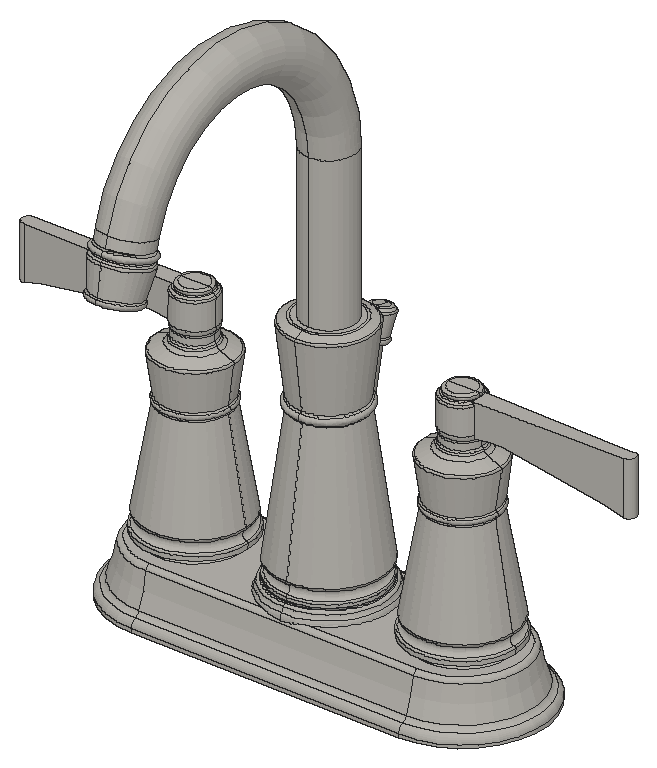
Revit family "Faucet-Lavatory-KOHLER-Archer-K-11075", category Plumbing Fixtures, host Face, Revit 2015
Parameters (values of type "BN-Vibrant Brushed Nickel")
  Width = 6 3/8"
  WaterSense Certified = 1 = 1  # yes
  Waste Water Outlet = "Waste Water Outlet"  # constant formula
  Waste Connection = 1 = 0  # no
  Vent Connection = 1 = 0  # no
  URL = "https://www.us.kohler.com/us/"
  Type = 2
  Spout Reach = 4"
  Product Page URL = "http://www.us.kohler.com/us/catalog/productDetails.jsp?productNumber=11075-4"
  Product Name = "Archer"  # constant formula
  Product Documentation Link = "https://www.us.kohler.com/webassets/kpna/catalog/pdf/en/K-11075-4_spec.pdf"
  Pressure = 60.00 psi  # constant formula
  Model = if(Type = 1, "K-11075-4-CP", if(Type = 2, "K-11075-4-BN", "NA"))  # "K-11075-4-BN"
  Material = "Brass construction"  # constant formula
  MasterFormat 2004 = "22.41.39"  # constant formula
  MasterFormat 1995 = "15410"  # constant formula
  Manufacturer Address = "444 Highland Dr, Kohler, WI 53044"  # constant formula
  Manufacturer = "KOHLER Co."  # constant formula
  Length = Spout Reach  # 4"
  Hot Water Inlet = "Hot Water Inlet"  # constant formula
  Height = 9"
  Handle Clearance = 2 5/8"  # constant formula
  HW Connection = 1 = 1  # yes
  Flow Rate = 1.2 GPM  # constant formula
  Finish = Kohler-Metal-BN-Vibrant_Brushed_Nickel
  Faucet Hole Spacing = 4"
  Environmental Product Declaration = ""
  Drain Included = 1 = 1  # yes
  Description = "Centerset bathroom sink faucet"  # constant formula
  Default Elevation = 36"
  Declare Label = ""
  Date Modified = "10/17/2019"  # constant formula
  Date Created = "10/17/2019"  # constant formula
  Copyright = "Copyright KOHLER Co."  # constant formula
  Contact Us = "https://www.us.kohler.com/us/static/contact.jsp"
  Cold Water Inlet = "Cold Water Inlet"  # constant formula
  CW Connection = 1 = 1  # yes
  Assembly Code = "D2010"
  ADA Compliant = 1 = 1  # yes
Reference planes (in)
  plane 1 "Center (Front/Back)": y = 0
  plane 2: z = 0
  plane 3 "Center (Left/Right)": x = 0
  plane 4: x = 2
  plane 5: x = -2
  plane 6: z = 4.1875
  plane 7: x = 4.625
  plane 8: x = -3.1875
  plane 9: x = 3.1875
  plane 10: y = 1.1875
  plane 11: y = -1.1875
  plane 12: z = 9
  plane 13: y = -4
  plane 14: z = 6.375
  plane 15: x = -4.625
Dimensions and locks (in)
  "Faucet Hole Spacing": plane 4 to plane 5
  "Height": plane 12 to level
  plane 10 to plane 11 = 2 3/8"  (x2)
  plane 6 to level = 4 3/16"  (x2)
  plane 14 to level = 6 3/8"
  "Width": plane 8 to plane 9
  "Length": plane 1 "Center (Front/Back)" to plane 13
  plane 9 to plane 8 = 6 3/8"
  "Handle Clearance": plane 4 to plane 7
  "Handle Clearance": plane 15 to plane 5
  aligned and locked: plane 2 to host face
  aligned and locked: level to host face
Automatic sketch dimensions
  host sketch curve to host sketch curve = 96"  (x2)
Nested families (in)
  nested 1: "K-11075" at (0, 0, 0), type "K-11075"
Connectors (in)
  piping at (-2, 0, 0), diameter 0.5, driven by "Hot Water Inlet", driven by "HW Connection", driven by "Flow Rate", driven by "Pressure"
    settings: on nested 1, index 1, connector inside diameter 24", connector length 0", flow factor 0, pipe flow 1.2 GPM, pressure drop 60.00 psi, fitting loss kfactor 0, connector angle 0.00°, fixture units 0, engagement length 0", angle of deflection 0.00°, flow configuration 1, flow direction 1, fitting loss method 4, system type 19, joint type 0, gender type 0, connector reference index -1, connector utility 1, adjustable connector no, is connector primary yes, connector description "Hot Water Inlet"
  piping at (2, 0, 0), diameter 0.5, driven by "Cold Water Inlet", driven by "CW Connection", driven by "Flow Rate", driven by "Pressure"
    settings: on nested 1, index 2, connector inside diameter 24", connector length 0", flow factor 0, pipe flow 1.2 GPM, pressure drop 60.00 psi, fitting loss kfactor 0, connector angle 0.00°, fixture units 0, engagement length 0", angle of deflection 0.00°, flow configuration 1, flow direction 1, fitting loss method 4, system type 20, joint type 0, gender type 0, connector reference index -1, connector utility 1, adjustable connector no, is connector primary no, connector description "Cold Water Inlet"
Definition of nested family "K-11075"
  Parameters (values of type "K-11075")
    Material = none
  Reference planes (in)
    plane 1 "Center (Front/Back)": y = 0
    plane 2: z = 0
    plane 3 "Center (Left/Right)": x = 0
    plane 4: x = -3.1875
    plane 5: x = 3.1875
    plane 6: z = 9
    plane 7: y = 1.1875
    plane 8: y = -1.1875
    plane 9: z = 4.1875
    plane 10: x = -2
    plane 11: x = 2
    plane 12: x = -4.625
    plane 13: x = 4.625
    plane 14: y = -4
    plane 15: z = 6.375
    plane 16: z = 1.179
    plane 17: z = 1.02299
  Forms (in)
    Revolve 1, solid, material <- "Material", detail levels medium+fine
      sketch origin (0, 0, 0) x (0, 1, 0) y (0, 0, 1)
        loop
          line (0, 4.436) -> (0, 0.69936) -> (0.88508, 0.69936)
          arc (0.88508, 0.69936) -> (0.89887, 0.76329) -> (0.87687, 0.82488) r 0.11926
          arc (0.87687, 0.82488) -> (0.85895, 0.85688) -> (0.84846, 0.89202) r 0.16678
          arc (0.84846, 0.89202) -> (0.83467, 0.91567) -> (0.80894, 0.925) r 0.04017
          line (0.80894, 0.925) -> (0.76949, 0.925)
          arc (0.76949, 0.925) -> (0.78421, 0.93181) -> (0.79021, 0.94687) r 0.0219
          line (0.79021, 0.94687) -> (0.79021, 0.99705)
          arc (0.79021, 0.99705) -> (0.7857, 1.01234) -> (0.77362, 1.02272) r 0.02814
          arc (0.77362, 1.02272) -> (0.72402, 1.10246) -> (0.77912, 1.17849) r 0.08417
          arc (0.77912, 1.17849) -> (0.79102, 1.18834) -> (0.79408, 1.20347) r 0.02317
          line (0.79408, 1.20347) -> (0.51167, 3.21294)
          arc (0.51167, 3.21294) -> (0.51566, 3.23185) -> (0.53083, 3.24383) r 0.02839
          arc (0.53083, 3.24383) -> (0.56461, 3.29335) -> (0.52587, 3.33908) r 0.04947
          arc (0.52587, 3.33908) -> (0.51212, 3.3487) -> (0.50919, 3.36522) r 0.02192
          line (0.50919, 3.36522) -> (0.62837, 4.3528)
          arc (0.62837, 4.3528) -> (0.62519, 4.36819) -> (0.61336, 4.37854) r 0.02468
          line (0.61336, 4.37854) -> (0.49027, 4.4298)
          arc (0.49027, 4.4298) -> (0.47506, 4.43443) -> (0.45924, 4.436) r 0.08072
          line (0.45924, 4.436) -> (0, 4.436)
        axis (0, 4.436) -> (0, 0.69936)
      angle from 0 to 360
    Sweep 2, solid, material <- "Material", detail levels medium+fine
      path origin (0, 0, 0) x (0, 1, 0) y (0, 0, 1)
        loop
          line (0, 4.436) -> (0, 6.70743)
          arc (0, 6.70743) -> (-1.6659, 8.60703) -> (-3.76669, 7.20333) r 1.91599
          line (-3.76669, 7.20333) -> (-3.80589, 7.05703)
      profile origin (0, 0, 4.436) x (0, -1, 0) y (1, 0, 0)
        loop
          circle (0, 0) r 0.37496
    Revolve 3, solid, material <- "Material", detail levels medium+fine
      sketch origin (0, 0.01915, -0.00513) x (0, 1, 0) y (0, 0, 1)
        loop
          arc (-3.68982, 6.28777) -> (-3.65214, 6.30095) -> (-3.65064, 6.34085) r 0.03544
          arc (-3.65064, 6.34085) -> (-3.65578, 6.35681) -> (-3.65266, 6.3733) r 0.034
          line (-3.65266, 6.3733) -> (-3.48117, 6.74107)
          arc (-3.48117, 6.74107) -> (-3.47662, 6.75957) -> (-3.47944, 6.77842) r 0.04915
          line (-3.47944, 6.77842) -> (-3.4934, 6.81736)
          arc (-3.4934, 6.81736) -> (-3.49057, 6.83584) -> (-3.47356, 6.84358) r 0.01965
          arc (-3.47356, 6.84358) -> (-3.43626, 6.87273) -> (-3.46127, 6.91293) r 0.03541
          line (-3.46127, 6.91293) -> (-3.56814, 6.94156) -> (-3.5552, 6.98986) -> (-3.82504, 7.06216) -> (-4.00846, 6.41555) -> (-3.74764, 6.34157) -> (-3.75722, 6.30583) -> (-3.68982, 6.28777)
        axis (-4.01856, 6.37996) -> (-3.82392, 7.06609)
      angle from 0 to 360
    Sweep 4, solid, material <- "Material", detail levels medium+fine
      path origin (0, 0, 0) x (1, 0, 0) y (0, 1, 0)
        loop
          arc (-2.00096, 1.1875) -> (-3.18846, 0) -> (-2.00096, -1.1875) r 1.1875
          line (-2.00096, -1.1875) -> (2.00096, -1.1875)
          arc (2.00096, -1.1875) -> (3.18846, 0) -> (2.00096, 1.1875) r 1.1875
          line (2.00096, 1.1875) -> (-2.00096, 1.1875)
      profile origin (0, 1.1875, 0) x (0, 1, 0) y (0, 0, 1)
        loop
          line (0, 0) -> (0, 0.04541)
          arc (0, 0.04541) -> (-0.02091, 0.11528) -> (-0.07677, 0.16216) r 0.12715
          arc (-0.07677, 0.16216) -> (-0.11714, 0.18968) -> (-0.14433, 0.23026) r 0.12868
          arc (-0.14433, 0.23026) -> (-0.22542, 0.4625) -> (-0.27644, 0.70315) r 1.93792
          arc (-0.27644, 0.70315) -> (-0.30071, 0.7474) -> (-0.348, 0.765) r 0.07233
          line (-0.348, 0.765) -> (-0.41268, 0.765) -> (-0.41268, 0) -> (0, 0)
    Extrusion 5, solid, material <- "Material", detail levels medium+fine
      sketch origin (0, 0, 0) x (1, 0, 0) y (0, 1, 0)
        loop
          arc (-2.00096, 0.77482) -> (-2.77578, 0) -> (-2.00096, -0.77482) r 0.77482
          line (-2.00096, -0.77482) -> (2.00096, -0.77482)
          arc (2.00096, -0.77482) -> (2.77578, 0) -> (2.00096, 0.77482) r 0.77482
          line (2.00096, 0.77482) -> (-2.00096, 0.77482)
      from 0 to 0.765
    Revolve 6, solid, material <- "Material", detail levels medium+fine
      sketch origin (0, 0, 0) x (0, 1, 0) y (0, 0, 1)
        loop
          line (0.9898, 4.15462) -> (0.55862, 2.1261) -> (0.62627, 2.11172) -> (0.95972, 3.68051) -> (1.01215, 3.66937)
          arc (1.01215, 3.66937) -> (1.04934, 3.68384) -> (1.05089, 3.72372) r 0.03638
          arc (1.05089, 3.72372) -> (1.04602, 3.73889) -> (1.04844, 3.75464) r 0.03474
          line (1.04844, 3.75464) -> (1.16358, 4.03962)
          arc (1.16358, 4.03962) -> (1.16587, 4.05538) -> (1.16062, 4.07042) r 0.03351
          line (1.16062, 4.07042) -> (1.13471, 4.11031)
          arc (1.13471, 4.11031) -> (1.12243, 4.12292) -> (1.10626, 4.12987) r 0.0451
          line (1.10626, 4.12987) -> (0.9898, 4.15462)
        axis (0.55862, 2.1261) -> (0.9898, 4.15462)
      angle from 0 to 360
    Revolve 7, solid, material <- "Material", detail levels medium+fine
      sketch origin (0, 0, 0) x (1, 0, 0) y (0, 0, 1)
        loop
          line (-1.41443, 0.8755) -> (-1.21, 0.8755) -> (-1.21, 0.93908)
          arc (-1.21, 0.93908) -> (-1.2162, 0.9576) -> (-1.2323, 0.96865) r 0.03075
          arc (-1.2323, 0.96865) -> (-1.28907, 1.032) -> (-1.25649, 1.11059) r 0.07985
          arc (-1.25649, 1.11059) -> (-1.24564, 1.12421) -> (-1.24377, 1.14152) r 0.03125
          line (-1.24377, 1.14152) -> (-1.49754, 2.58074)
          arc (-1.49754, 2.58074) -> (-1.49599, 2.59707) -> (-1.48628, 2.61028) r 0.03081
          arc (-1.48628, 2.61028) -> (-1.47168, 2.64112) -> (-1.48743, 2.67139) r 0.03835
          arc (-1.48743, 2.67139) -> (-1.4978, 2.68445) -> (-1.49997, 2.70099) r 0.03125
          line (-1.49997, 2.70099) -> (-1.42049, 3.26655)
          arc (-1.42049, 3.26655) -> (-1.42377, 3.28382) -> (-1.43688, 3.29553) r 0.02734
          line (-1.43688, 3.29553) -> (-1.62857, 3.37689)
          arc (-1.62857, 3.37689) -> (-1.65811, 3.39704) -> (-1.67765, 3.42698) r 0.09133
          arc (-1.67765, 3.42698) -> (-1.68534, 3.4409) -> (-1.69619, 3.45252) r 0.06469
          arc (-1.69619, 3.45252) -> (-1.70601, 3.46529) -> (-1.7095, 3.48101) r 0.03714
          line (-1.7095, 3.48101) -> (-1.7095, 3.58233)
          arc (-1.7095, 3.58233) -> (-1.70772, 3.5977) -> (-1.70248, 3.61226) r 0.06727
          arc (-1.70248, 3.61226) -> (-1.69116, 3.64368) -> (-1.68732, 3.67685) r 0.14522
          line (-1.68732, 3.67685) -> (-1.68732, 4.05789)
          arc (-1.68732, 4.05789) -> (-1.69048, 4.07378) -> (-1.69949, 4.08726) r 0.04154
          line (-1.69949, 4.08726) -> (-1.72899, 4.11677)
          arc (-1.72899, 4.11677) -> (-1.7425, 4.12483) -> (-1.75822, 4.1255) r 0.0321
          arc (-1.75822, 4.1255) -> (-1.74995, 4.14374) -> (-1.75451, 4.16325) r 0.0311
          arc (-1.75451, 4.16325) -> (-1.77324, 4.18103) -> (-1.79824, 4.1875) r 0.05153
          line (-1.79824, 4.1875) -> (-2, 4.1875) -> (-2, 0.68435) -> (-1.34723, 0.68435) -> (-1.34723, 0.765)
          arc (-1.34723, 0.765) -> (-1.38536, 0.78496) -> (-1.4052, 0.82314) r 0.07173
          line (-1.4052, 0.82314) -> (-1.41443, 0.8755)
        axis (-2, 4.1875) -> (-2, 0.68435)
      angle from 0 to 360
    Extrusion 8, solid, material <- "Material", detail levels medium+fine
      sketch origin (-1.96094, 0, 0.5005) x (1, 0, 0) y (0, 0, 1)
        loop
          line (-0.15321, 3.625) -> (-2.52853, 3.625) -> (-2.52853, 2.83743) -> (-2.25207, 2.91151)
          arc (-2.25207, 2.91151) -> (-1.49357, 3.07656) -> (-0.72283, 3.16886) r 8.16776
          arc (-0.72283, 3.16886) -> (-0.50239, 3.16573) -> (-0.28573, 3.125) r 1.28591
          line (-0.28573, 3.125) -> (-0.15321, 3.125) -> (-0.15321, 3.625)
      from -0.29625 to 0.27012
    Extrusion 9, void
      sketch origin (-1.96094, 0, 0.5005) x (1, 0, 0) y (0, 1, 0)
        loop
          line (-0.13022, 0.13773) -> (-0.10362, 0.29625) -> (-2.83924, 0.29625) -> (-2.83924, 0.09044) -> (-0.13022, 0.13773)
      from 2.6325 to 4.0328
    Extrusion 10, solid, material <- "Material", detail levels medium+fine
      sketch origin (-1.99831, -0.00004, 0.5005) x (1, 0, 0) y (0, 1, 0)
        loop
          arc (-2.49115, 0.09652) -> (-2.58763, 0.00004) -> (-2.49115, -0.09643) r 0.09647
          line (-2.49115, -0.09643) -> (-2.49115, 0.09652)
      from 2.83766 to 3.625
    Extrusion 11, void
      sketch origin (-1.96094, 0.00008, 0.5005) x (1, 0, 0) y (0, 1, 0)
        loop
          line (-0.13022, -0.13773) -> (-2.77853, -0.0915) -> (-2.77853, -0.29625) -> (-0.10362, -0.29625) -> (-0.13022, -0.13773)
      from 2.60113 to 4.0328
    Revolve 12, solid, material <- "Material", detail levels medium+fine
      sketch origin (0, 0, 0) x (-1, 0, 0) y (0, 0, 1)
        loop
          line (-1.41443, 0.8755) -> (-1.21, 0.8755) -> (-1.21, 0.93908)
          arc (-1.21, 0.93908) -> (-1.2162, 0.9576) -> (-1.2323, 0.96865) r 0.03075
          arc (-1.2323, 0.96865) -> (-1.28907, 1.032) -> (-1.25649, 1.11059) r 0.07985
          arc (-1.25649, 1.11059) -> (-1.24564, 1.12421) -> (-1.24377, 1.14152) r 0.03125
          line (-1.24377, 1.14152) -> (-1.49754, 2.58074)
          arc (-1.49754, 2.58074) -> (-1.49599, 2.59707) -> (-1.48628, 2.61028) r 0.03081
          arc (-1.48628, 2.61028) -> (-1.47168, 2.64112) -> (-1.48743, 2.67139) r 0.03835
          arc (-1.48743, 2.67139) -> (-1.4978, 2.68445) -> (-1.49997, 2.70099) r 0.03125
          line (-1.49997, 2.70099) -> (-1.42049, 3.26655)
          arc (-1.42049, 3.26655) -> (-1.42377, 3.28382) -> (-1.43688, 3.29553) r 0.02734
          line (-1.43688, 3.29553) -> (-1.62857, 3.37689)
          arc (-1.62857, 3.37689) -> (-1.65811, 3.39704) -> (-1.67765, 3.42698) r 0.09133
          arc (-1.67765, 3.42698) -> (-1.68534, 3.4409) -> (-1.69619, 3.45252) r 0.06469
          arc (-1.69619, 3.45252) -> (-1.70601, 3.46529) -> (-1.7095, 3.48101) r 0.03714
          line (-1.7095, 3.48101) -> (-1.7095, 3.58233)
          arc (-1.7095, 3.58233) -> (-1.70772, 3.5977) -> (-1.70248, 3.61226) r 0.06727
          arc (-1.70248, 3.61226) -> (-1.69116, 3.64368) -> (-1.68732, 3.67685) r 0.14522
          line (-1.68732, 3.67685) -> (-1.68732, 4.05789)
          arc (-1.68732, 4.05789) -> (-1.69048, 4.07378) -> (-1.69949, 4.08726) r 0.04154
          line (-1.69949, 4.08726) -> (-1.72899, 4.11677)
          arc (-1.72899, 4.11677) -> (-1.7425, 4.12483) -> (-1.75822, 4.1255) r 0.0321
          arc (-1.75822, 4.1255) -> (-1.74995, 4.14374) -> (-1.75451, 4.16325) r 0.0311
          arc (-1.75451, 4.16325) -> (-1.77324, 4.18103) -> (-1.79824, 4.1875) r 0.05153
          line (-1.79824, 4.1875) -> (-2, 4.1875) -> (-2, 0.68435) -> (-1.34723, 0.68435) -> (-1.34723, 0.765)
          arc (-1.34723, 0.765) -> (-1.38536, 0.78496) -> (-1.4052, 0.82314) r 0.07173
          line (-1.4052, 0.82314) -> (-1.41443, 0.8755)
        axis (-2, 4.1875) -> (-2, 0.68435)
      angle from 0 to 360
    Extrusion 13, solid, material <- "Material", detail levels medium+fine
      sketch origin (1.96094, 0, 0.5005) x (-1, 0, 0) y (0, 0, -1)
        loop
          line (-0.15321, -3.625) -> (-0.15321, -3.125) -> (-0.28573, -3.125)
          arc (-0.28573, -3.125) -> (-0.50239, -3.16573) -> (-0.72283, -3.16886) r 1.28591
          arc (-0.72283, -3.16886) -> (-1.49357, -3.07656) -> (-2.25207, -2.91151) r 8.16776
          line (-2.25207, -2.91151) -> (-2.52853, -2.83743) -> (-2.52853, -3.625) -> (-0.15321, -3.625)
      from -0.29625 to 0.27012
    Extrusion 14, void
      sketch origin (1.96094, 0, 0.5005) x (-1, 0, 0) y (0, -1, 0)
        loop
          line (-0.13022, -0.13773) -> (-2.83924, -0.09044) -> (-2.83924, -0.29625) -> (-0.10362, -0.29625) -> (-0.13022, -0.13773)
      from 2.6325 to 4.0328
    Extrusion 15, solid, material <- "Material", detail levels medium+fine
      sketch origin (1.99831, -0.00004, 0.5005) x (-1, 0, 0) y (0, -1, 0)
        loop
          line (-2.49115, -0.09652) -> (-2.49115, 0.09643)
          arc (-2.49115, 0.09643) -> (-2.58763, -0.00004) -> (-2.49115, -0.09652) r 0.09647
      from 2.83766 to 3.625
    Extrusion 16, void
      sketch origin (1.96094, 0.00008, 0.5005) x (-1, 0, 0) y (0, -1, 0)
        loop
          line (-0.13022, 0.13773) -> (-0.10362, 0.29625) -> (-2.77853, 0.29625) -> (-2.77853, 0.0915) -> (-0.13022, 0.13773)
      from 2.60113 to 4.0328
    Extrusion 17, solid, material <- "Material", detail levels medium+fine
      sketch origin (0, 0, 0) x (1, 0, 0) y (0, 1, 0)
        loop
          circle (-2, 0) r 0.375
        loop
          circle (2, 0) r 0.375
      from 0 to 0.05128
    Extrusion 18, solid, material <- "Material", detail levels coarse
      sketch origin (0, 0, 0) x (1, 0, 0) y (0, 1, 0)
        loop
          line (2.00096, 1.1875) -> (-2.00096, 1.1875)
          arc (-2.00096, 1.1875) -> (-3.18846, 0) -> (-2.00096, -1.1875) r 1.1875
          line (-2.00096, -1.1875) -> (2.00096, -1.1875)
          arc (2.00096, -1.1875) -> (3.18846, 0) -> (2.00096, 1.1875) r 1.1875
      from 0 to 0.765
    Revolve 19, solid, material <- "Material", detail levels coarse
      sketch origin (0, 0, 0) x (1, 0, 0) y (0, 0, 1)
        loop
          line (-2.7145, 0.765) -> (-2, 0.765) -> (-2, 4.1875) -> (-2.40277, 4.1875) -> (-2.40277, 3.4058) -> (-2.65277, 3.4058) -> (-2.84946, 0.8755) -> (-2.7145, 0.8755) -> (-2.7145, 0.765)
        axis (-2, 4.1875) -> (-2, 0.765)
      angle from 0 to 360
    Extrusion 20, solid, material <- "Material", detail levels coarse
      sketch origin (0, 0, 0) x (1, 0, 0) y (0, 1, 0)
        loop
          line (-2.08849, -0.17768) -> (-2.08849, 0.16506) -> (-4.625, 0.16506) -> (-4.625, -0.17768) -> (-2.08849, -0.17768)
      from 3.4058 to 4.1255
    Revolve 21, solid, material <- "Material", detail levels coarse
      sketch origin (0, 0, 0) x (-1, 0, 0) y (0, 0, 1)
        loop
          line (-2.7145, 0.765) -> (-2, 0.765) -> (-2, 4.1875) -> (-2.40277, 4.1875) -> (-2.40277, 3.4058) -> (-2.65277, 3.4058) -> (-2.84946, 0.8755) -> (-2.7145, 0.8755) -> (-2.7145, 0.765)
        axis (-2, 4.1875) -> (-2, 0.765)
      angle from 0 to 360
    Extrusion 22, solid, material <- "Material", detail levels coarse
      sketch origin (0, 0, 0) x (-1, 0, 0) y (0, -1, 0)
        loop
          line (-2.08849, 0.17768) -> (-4.625, 0.17768) -> (-4.625, -0.16506) -> (-2.08849, -0.16506) -> (-2.08849, 0.17768)
      from 3.4058 to 4.1255
    Revolve 23, solid, material <- "Material", detail levels coarse
      sketch origin (0, 0, 0) x (1, 0, 0) y (0, 0, 1)
        loop
          line (-1, 0.765) -> (0, 0.765) -> (0, 4.436) -> (-0.67521, 4.436) -> (-0.84766, 1.14548) -> (-1, 1.14548) -> (-1, 0.765)
        axis (0, 4.436) -> (0, 0.765)
      angle from 0 to 360
    Sweep 24, solid, material <- "Material", detail levels coarse
      path origin (0, 0, 0) x (0, 1, 0) y (0, 0, 1)
        loop
          line (0, 4.436) -> (0, 6.70591)
          arc (0, 6.70591) -> (-1.67093, 8.61124) -> (-3.77806, 7.2033) r 1.92177
          line (-3.77806, 7.2033) -> (-4, 6.375)
      profile origin (0, 0, 5.57096) x (0, -1, 0) y (1, 0, 0)
        loop
          circle (0.00144, 0) r 0.37546
  Cuts and joins
    Extrusion 14, Extrusion 16 cuts Revolve 1
    Extrusion 14, Extrusion 16 cuts Sweep 2
    Extrusion 14, Extrusion 16 cuts Revolve 3
    Extrusion 14, Extrusion 16 cuts Sweep 4
    Extrusion 14, Extrusion 16 cuts Extrusion 5
    Extrusion 14, Extrusion 16 cuts Revolve 6
    Extrusion 14, Extrusion 16 cuts Revolve 7
    Extrusion 9, Extrusion 11, Extrusion 14, Extrusion 16 cuts Extrusion 8
    Extrusion 14, Extrusion 16 cuts Extrusion 10
    Extrusion 14, Extrusion 16 cuts Extrusion 13
    joined: Revolve 1, Sweep 2, Revolve 3, Sweep 4, Extrusion 5, Revolve 6, Revolve 7, Extrusion 8, Extrusion 10, Revolve 12, Extrusion 13, Extrusion 15
    joined: Extrusion 18, Revolve 19, Extrusion 20, Revolve 21, Extrusion 22, Revolve 23, Sweep 24
  Lines and regions (in)
    Masking region 1
      outline origin (0, 0, 0) x (1, 0, 0) y (0, 1, 0)
        loop
          arc (-1.97235, 1.1875) -> (-2.78518, 0.88634) -> (-3.1875, 0.11852) r 1.20897
          line (-3.1875, 0.11852) -> (-4.53014, 0.09572)
          arc (-4.53014, 0.09572) -> (-4.59705, 0.06716) -> (-4.625, 0) r 0.0965
          arc (-4.625, 0) -> (-4.59705, -0.06716) -> (-4.53014, -0.09572) r 0.0965
          line (-4.53014, -0.09572) -> (-3.1875, -0.11852)
          arc (-3.1875, -0.11852) -> (-2.79587, -0.87683) -> (-2.00096, -1.1875) r 1.20897
          line (-2.00096, -1.1875) -> (-0.37546, -1.1875) -> (-0.37546, -3.63851)
          arc (-0.37546, -3.63851) -> (-0.40929, -3.73983) -> (-0.41627, -3.84642) r 0.4171
          arc (-0.41627, -3.84642) -> (-0.39905, -3.96489) -> (-0.34883, -4.07357) r 0.41627
          arc (-0.34883, -4.07357) -> (-0.22141, -4.27006) -> (0, -4.34635) r 0.35943
          arc (0, -4.34635) -> (0.22141, -4.27006) -> (0.34883, -4.07357) r 0.35943
          arc (0.34883, -4.07357) -> (0.39905, -3.96489) -> (0.41627, -3.84642) r 0.41627
          arc (0.41627, -3.84642) -> (0.40929, -3.73983) -> (0.37546, -3.63851) r 0.4171
          line (0.37546, -3.63851) -> (0.37546, -1.1875) -> (2.00096, -1.1875)
          arc (2.00096, -1.1875) -> (2.79587, -0.87683) -> (3.1875, -0.11852) r 1.20897
          line (3.1875, -0.11852) -> (4.53014, -0.09572)
          arc (4.53014, -0.09572) -> (4.59705, -0.06716) -> (4.625, 0) r 0.0965
          arc (4.625, 0) -> (4.59705, 0.06716) -> (4.53014, 0.09572) r 0.0965
          line (4.53014, 0.09572) -> (3.1875, 0.11852)
          arc (3.1875, 0.11852) -> (2.79587, 0.87683) -> (2.00096, 1.1875) r 1.20897
          line (2.00096, 1.1875) -> (-1.97235, 1.1875)
    Masking region 2
      outline origin (0, 0, 0) x (0, 1, 0) y (0, 0, 1)
        loop
          line (1.1875, 0) -> (1.1875, 0.04637)
          arc (1.1875, 0.04637) -> (1.1665, 0.11581) -> (1.11053, 0.16198) r 0.12531
          arc (1.11053, 0.16198) -> (1.0667, 0.19248) -> (1.0393, 0.2383) r 0.1269
          arc (1.0393, 0.2383) -> (0.96128, 0.46327) -> (0.91195, 0.69621) r 1.90412
          arc (0.91195, 0.69621) -> (0.90605, 0.71653) -> (0.8975, 0.73588) r 0.15816
          arc (0.8975, 0.73588) -> (0.89361, 0.78763) -> (0.8711, 0.83439) r 0.1397
          arc (0.8711, 0.83439) -> (0.85644, 0.85989) -> (0.84789, 0.88803) r 0.12982
          arc (0.84789, 0.88803) -> (0.83938, 0.90907) -> (0.82326, 0.92504) r 0.0563
          line (0.82326, 0.92504) -> (0.78976, 0.92504) -> (0.78976, 0.99797)
          arc (0.78976, 0.99797) -> (0.78526, 1.01281) -> (0.77329, 1.02266) r 0.02674
          arc (0.77329, 1.02266) -> (0.73847, 1.05069) -> (0.72415, 1.09302) r 0.07991
          line (0.72415, 1.09302) -> (0.74833, 1.11541)
          arc (0.74833, 1.11541) -> (0.75668, 1.12969) -> (0.75569, 1.1462) r 0.02849
          arc (0.75569, 1.1462) -> (0.75678, 1.1634) -> (0.77024, 1.17415) r 0.02126
          arc (0.77024, 1.17415) -> (0.79085, 1.19071) -> (0.79223, 1.21711) r 0.03237
          line (0.79223, 1.21711) -> (0.65045, 2.22549) -> (0.95972, 3.68051) -> (1.01372, 3.66904)
          arc (1.01372, 3.66904) -> (1.05055, 3.68312) -> (1.05277, 3.72249) r 0.03627
          arc (1.05277, 3.72249) -> (1.04733, 3.7414) -> (1.05118, 3.7607) r 0.04168
          line (1.05118, 3.7607) -> (1.16259, 4.03646)
          arc (1.16259, 4.03646) -> (1.16542, 4.05305) -> (1.16107, 4.0693) r 0.0394
          line (1.16107, 4.0693) -> (1.1206, 4.13407) -> (0.86924, 4.1875)
          arc (0.86924, 4.1875) -> (0.84928, 4.17888) -> (0.83053, 4.16786) r 0.17573
          line (0.83053, 4.16786) -> (0.79863, 4.14634)
          arc (0.79863, 4.14634) -> (0.78805, 4.13326) -> (0.78388, 4.11696) r 0.0394
          line (0.78388, 4.11696) -> (0.7735, 3.81973)
          arc (0.7735, 3.81973) -> (0.76917, 3.80053) -> (0.7565, 3.78546) r 0.04168
          arc (0.7565, 3.78546) -> (0.74252, 3.74859) -> (0.77044, 3.72075) r 0.03627
          line (0.77044, 3.72075) -> (0.82444, 3.70927) -> (0.59417, 2.62594) -> (0.54165, 2.99965) -> (0.57888, 3.2646)
          arc (0.57888, 3.2646) -> (0.57611, 3.28211) -> (0.56404, 3.29507) r 0.03033
          arc (0.56404, 3.29507) -> (0.55234, 3.32325) -> (0.52607, 3.33875) r 0.04819
          arc (0.52607, 3.33875) -> (0.51209, 3.34846) -> (0.50919, 3.36522) r 0.02205
          line (0.50919, 3.36522) -> (0.628, 4.35012)
          arc (0.628, 4.35012) -> (0.62513, 4.36647) -> (0.61368, 4.37849) r 0.02865
          line (0.61368, 4.37849) -> (0.49084, 4.42922)
          arc (0.49084, 4.42922) -> (0.4741, 4.43429) -> (0.45669, 4.436) r 0.08946
          line (0.45669, 4.436) -> (0.37496, 4.436) -> (0.37496, 6.73399)
          arc (0.37496, 6.73399) -> (-0.2896, 8.33717) -> (-1.89349, 9) r 2.26601
          arc (-1.89349, 9) -> (-3.35761, 8.47976) -> (-4.16807, 7.15408) r 2.32745
          line (-4.16807, 7.15408) -> (-4.07584, 7.12936) -> (-4.08681, 7.09068) -> (-4.19383, 7.12103)
          arc (-4.19383, 7.12103) -> (-4.23661, 7.09957) -> (-4.21899, 7.05507) r 0.03543
          arc (-4.21899, 7.05507) -> (-4.20802, 7.03814) -> (-4.21792, 7.02057) r 0.01949
          arc (-4.21792, 7.02057) -> (-4.2469, 6.99689) -> (-4.26623, 6.96484) r 0.10965
          line (-4.26623, 6.96484) -> (-4.31336, 6.56303)
          arc (-4.31336, 6.56303) -> (-4.31987, 6.54573) -> (-4.33371, 6.53347) r 0.03841
          arc (-4.33371, 6.53347) -> (-4.35265, 6.49879) -> (-4.32787, 6.46801) r 0.03557
          line (-4.32787, 6.46801) -> (-3.67277, 6.28218)
          arc (-3.67277, 6.28218) -> (-3.63484, 6.29392) -> (-3.63019, 6.33336) r 0.03642
          arc (-3.63019, 6.33336) -> (-3.63515, 6.35413) -> (-3.63061, 6.375) r 0.04797
          line (-3.63061, 6.375) -> (-3.46493, 6.72793)
          arc (-3.46493, 6.72793) -> (-3.45771, 6.76533) -> (-3.46983, 6.80143) r 0.07484
          arc (-3.46983, 6.80143) -> (-3.47101, 6.826) -> (-3.45007, 6.83892) r 0.02421
          arc (-3.45007, 6.83892) -> (-3.41688, 6.86869) -> (-3.44143, 6.90592) r 0.03415
          line (-3.44143, 6.90592) -> (-3.54969, 6.93663) -> (-3.53605, 6.98473) -> (-3.4437, 6.95998)
          arc (-3.4437, 6.95998) -> (-1.80641, 8.24459) -> (-0.37496, 6.73399) r 1.54523
          line (-0.37496, 6.73399) -> (-0.37496, 4.436) -> (-0.45669, 4.436)
          arc (-0.45669, 4.436) -> (-0.4741, 4.43429) -> (-0.49084, 4.42922) r 0.08946
          line (-0.49084, 4.42922) -> (-0.61368, 4.37849)
          arc (-0.61368, 4.37849) -> (-0.62513, 4.36647) -> (-0.628, 4.35012) r 0.02865
          line (-0.628, 4.35012) -> (-0.50919, 3.36522)
          arc (-0.50919, 3.36522) -> (-0.51209, 3.34846) -> (-0.52607, 3.33875) r 0.02205
          arc (-0.52607, 3.33875) -> (-0.55234, 3.32325) -> (-0.56404, 3.29507) r 0.04819
          arc (-0.56404, 3.29507) -> (-0.57611, 3.28211) -> (-0.57888, 3.2646) r 0.03033
          line (-0.57888, 3.2646) -> (-0.54165, 2.99965) -> (-0.59212, 2.64052) -> (-0.79223, 1.21711)
          arc (-0.79223, 1.21711) -> (-0.79085, 1.19071) -> (-0.77024, 1.17415) r 0.03237
          arc (-0.77024, 1.17415) -> (-0.75678, 1.1634) -> (-0.75569, 1.1462) r 0.02126
          arc (-0.75569, 1.1462) -> (-0.75668, 1.12969) -> (-0.74833, 1.11541) r 0.02849
          line (-0.74833, 1.11541) -> (-0.72415, 1.09302)
          arc (-0.72415, 1.09302) -> (-0.73847, 1.05069) -> (-0.77329, 1.02266) r 0.07991
          arc (-0.77329, 1.02266) -> (-0.78526, 1.01281) -> (-0.78976, 0.99797) r 0.02674
          line (-0.78976, 0.99797) -> (-0.78976, 0.92504) -> (-0.82326, 0.92504)
          arc (-0.82326, 0.92504) -> (-0.83938, 0.90907) -> (-0.84789, 0.88803) r 0.0563
          arc (-0.84789, 0.88803) -> (-0.85644, 0.85989) -> (-0.8711, 0.83439) r 0.12982
          arc (-0.8711, 0.83439) -> (-0.89361, 0.78763) -> (-0.8975, 0.73588) r 0.1397
          arc (-0.8975, 0.73588) -> (-0.90605, 0.71653) -> (-0.91195, 0.69621) r 0.15816
          arc (-0.91195, 0.69621) -> (-0.96128, 0.46327) -> (-1.0393, 0.2383) r 1.90412
          arc (-1.0393, 0.2383) -> (-1.0667, 0.19248) -> (-1.11053, 0.16198) r 0.1269
          arc (-1.11053, 0.16198) -> (-1.1665, 0.11581) -> (-1.1875, 0.04637) r 0.12531
          line (-1.1875, 0.04637) -> (-1.1875, 0) -> (1.1875, 0)
    Masking region 3
      outline origin (0, 0, 0) x (1, 0, 0) y (0, 0, 1)
        loop
          line (-3.1875, 0) -> (0.21103, 0) -> (3.1875, 0) -> (3.1875, 0.04783)
          arc (3.1875, 0.04783) -> (3.16689, 0.11622) -> (3.11193, 0.16183) r 0.12377
          arc (3.11193, 0.16183) -> (3.07364, 0.18734) -> (3.04737, 0.22511) r 0.12326
          arc (3.04737, 0.22511) -> (2.96338, 0.45729) -> (2.91399, 0.6992) r 1.69632
          arc (2.91399, 0.6992) -> (2.88897, 0.74621) -> (2.83914, 0.765) r 0.07547
          line (2.83914, 0.765) -> (2.65277, 0.765)
          arc (2.65277, 0.765) -> (2.61367, 0.78935) -> (2.59346, 0.83074) r 0.08342
          line (2.59346, 0.83074) -> (2.58557, 0.8755) -> (2.79, 0.8755) -> (2.79, 0.93644)
          arc (2.79, 0.93644) -> (2.78333, 0.95675) -> (2.76591, 0.96914) r 0.03424
          arc (2.76591, 0.96914) -> (2.71076, 1.0322) -> (2.74216, 1.10986) r 0.07996
          arc (2.74216, 1.10986) -> (2.75484, 1.12763) -> (2.7546, 1.14945) r 0.03518
          line (2.7546, 1.14945) -> (2.50332, 2.57453)
          arc (2.50332, 2.57453) -> (2.50485, 2.59623) -> (2.51639, 2.61467) r 0.04491
          arc (2.51639, 2.61467) -> (2.52788, 2.64459) -> (2.51228, 2.67259) r 0.03782
          arc (2.51228, 2.67259) -> (2.50211, 2.68531) -> (2.49997, 2.70145) r 0.03038
          line (2.49997, 2.70145) -> (2.57934, 3.2662)
          arc (2.57934, 3.2662) -> (2.57558, 3.28434) -> (2.56117, 3.29598) r 0.02749
          line (2.56117, 3.29598) -> (2.36532, 3.37912)
          arc (2.36532, 3.37912) -> (2.34268, 3.39453) -> (2.32766, 3.41744) r 0.07022
          arc (2.32766, 3.41744) -> (2.31799, 3.43668) -> (2.30534, 3.45409) r 0.13221
          arc (2.30534, 3.45409) -> (2.2945, 3.47248) -> (2.29073, 3.4935) r 0.06046
          line (2.29073, 3.4935) -> (2.29073, 3.57797)
          arc (2.29073, 3.57797) -> (2.29801, 3.61352) -> (2.31869, 3.64334) r 0.09039
          arc (2.31869, 3.64334) -> (2.5003, 3.66941) -> (2.68376, 3.66936) r 1.28591
          arc (2.68376, 3.66936) -> (3.45451, 3.57706) -> (4.21301, 3.41201) r 8.16776
          line (4.21301, 3.41201) -> (4.48861, 3.33816) -> (4.58594, 3.33816)
          arc (4.58594, 3.33816) -> (4.61304, 3.34908) -> (4.625, 3.37573) r 0.03909
          line (4.625, 3.37573) -> (4.625, 4.1255) -> (2.24178, 4.1255)
          arc (2.24178, 4.1255) -> (2.24318, 4.16455) -> (2.21156, 4.1875) r 0.04155
          line (2.21156, 4.1875) -> (1.7883, 4.1875)
          arc (1.7883, 4.1875) -> (1.75655, 4.16497) -> (1.75834, 4.12607) r 0.04062
          arc (1.75834, 4.12607) -> (1.74181, 4.12446) -> (1.7277, 4.1157) r 0.03651
          line (1.7277, 4.1157) -> (1.70117, 4.08916)
          arc (1.70117, 4.08916) -> (1.69099, 4.07356) -> (1.68742, 4.05527) r 0.04864
          line (1.68742, 4.05527) -> (1.68742, 3.67186)
          arc (1.68742, 3.67186) -> (1.6915, 3.64053) -> (1.70347, 3.61129) r 0.12234
          arc (1.70347, 3.61129) -> (1.70928, 3.59514) -> (1.70927, 3.57797) r 0.04995
          line (1.70927, 3.57797) -> (1.70927, 3.4935)
          arc (1.70927, 3.4935) -> (1.7055, 3.47248) -> (1.69466, 3.45409) r 0.06046
          arc (1.69466, 3.45409) -> (1.68201, 3.43668) -> (1.67234, 3.41744) r 0.13221
          arc (1.67234, 3.41744) -> (1.65732, 3.39453) -> (1.63468, 3.37912) r 0.07022
          line (1.63468, 3.37912) -> (1.43883, 3.29598)
          arc (1.43883, 3.29598) -> (1.42442, 3.28434) -> (1.42066, 3.2662) r 0.02749
          line (1.42066, 3.2662) -> (1.50003, 2.70145)
          arc (1.50003, 2.70145) -> (1.49789, 2.68531) -> (1.48772, 2.67259) r 0.03038
          arc (1.48772, 2.67259) -> (1.47212, 2.64459) -> (1.48361, 2.61467) r 0.03782
          arc (1.48361, 2.61467) -> (1.49515, 2.59623) -> (1.49668, 2.57453) r 0.04491
          line (1.49668, 2.57453) -> (1.2454, 1.14945)
          arc (1.2454, 1.14945) -> (1.24516, 1.12763) -> (1.25784, 1.10986) r 0.03518
          arc (1.25784, 1.10986) -> (1.28924, 1.0322) -> (1.23409, 0.96914) r 0.07996
          arc (1.23409, 0.96914) -> (1.21667, 0.95675) -> (1.21, 0.93644) r 0.03424
          line (1.21, 0.93644) -> (1.21, 0.8755) -> (1.41443, 0.8755) -> (1.40654, 0.83074)
          arc (1.40654, 0.83074) -> (1.38633, 0.78935) -> (1.34723, 0.765) r 0.08342
          line (1.34723, 0.765) -> (0.89875, 0.765) -> (0.8897, 0.79876)
          arc (0.8897, 0.79876) -> (0.85752, 0.84168) -> (0.8461, 0.8941) r 0.12603
          arc (0.8461, 0.8941) -> (0.83705, 0.91595) -> (0.8152, 0.925) r 0.0309
          line (0.8152, 0.925) -> (0.75655, 0.925)
          arc (0.75655, 0.925) -> (0.7766, 0.93113) -> (0.7898, 0.94743) r 0.03586
          line (0.7898, 0.94743) -> (0.7898, 0.99791)
          arc (0.7898, 0.99791) -> (0.78513, 1.01307) -> (0.77275, 1.02299) r 0.02697
          arc (0.77275, 1.02299) -> (0.72511, 1.0753) -> (0.73729, 1.145) r 0.08038
          arc (0.73729, 1.145) -> (0.75633, 1.1649) -> (0.77999, 1.179) r 0.1024
          arc (0.77999, 1.179) -> (0.79175, 1.1902) -> (0.79326, 1.20637) r 0.02315
          line (0.79326, 1.20637) -> (0.51175, 3.20938)
          arc (0.51175, 3.20938) -> (0.51576, 3.23043) -> (0.53176, 3.24469) r 0.0333
          arc (0.53176, 3.24469) -> (0.56194, 3.2924) -> (0.5278, 3.33735) r 0.0495
          arc (0.5278, 3.33735) -> (0.51366, 3.34806) -> (0.50919, 3.36522) r 0.02707
          line (0.50919, 3.36522) -> (0.62757, 4.34858)
          arc (0.62757, 4.34858) -> (0.62467, 4.366) -> (0.61285, 4.37912) r 0.03145
          line (0.61285, 4.37912) -> (0.48906, 4.42913)
          arc (0.48906, 4.42913) -> (0.47172, 4.43427) -> (0.45372, 4.436) r 0.09433
          line (0.45372, 4.436) -> (0.37496, 4.436) -> (0.37496, 6.59066) -> (0.4179, 6.84755)
          arc (0.4179, 6.84755) -> (0.41417, 6.88808) -> (0.39095, 6.92152) r 0.07991
          arc (0.39095, 6.92152) -> (0.42236, 6.96003) -> (0.41734, 7.00947) r 0.06493
          arc (0.41734, 7.00947) -> (0.39913, 7.03465) -> (0.37496, 7.0542) r 0.11791
          line (0.37496, 7.0542) -> (0.37496, 8.64467)
          arc (0.37496, 8.64467) -> (0.26389, 8.90296) -> (0, 9) r 0.35585
          arc (0, 9) -> (-0.26389, 8.90296) -> (-0.37496, 8.64467) r 0.35585
          line (-0.37496, 8.64467) -> (-0.37496, 7.0542)
          arc (-0.37496, 7.0542) -> (-0.39913, 7.03465) -> (-0.41734, 7.00947) r 0.11791
          arc (-0.41734, 7.00947) -> (-0.42236, 6.96003) -> (-0.39095, 6.92152) r 0.06493
          arc (-0.39095, 6.92152) -> (-0.41417, 6.88808) -> (-0.4179, 6.84755) r 0.07991
          line (-0.4179, 6.84755) -> (-0.37496, 6.59066) -> (-0.37496, 4.436) -> (-0.45372, 4.436)
          arc (-0.45372, 4.436) -> (-0.47172, 4.43427) -> (-0.48906, 4.42913) r 0.09433
          line (-0.48906, 4.42913) -> (-0.61285, 4.37912)
          arc (-0.61285, 4.37912) -> (-0.62467, 4.366) -> (-0.62757, 4.34858) r 0.03145
          line (-0.62757, 4.34858) -> (-0.50919, 3.36522)
          arc (-0.50919, 3.36522) -> (-0.51366, 3.34806) -> (-0.5278, 3.33735) r 0.02707
          arc (-0.5278, 3.33735) -> (-0.56194, 3.2924) -> (-0.53176, 3.24469) r 0.0495
          arc (-0.53176, 3.24469) -> (-0.51576, 3.23043) -> (-0.51175, 3.20938) r 0.0333
          line (-0.51175, 3.20938) -> (-0.79326, 1.20637)
          arc (-0.79326, 1.20637) -> (-0.79175, 1.1902) -> (-0.77999, 1.179) r 0.02315
          arc (-0.77999, 1.179) -> (-0.75633, 1.1649) -> (-0.73729, 1.145) r 0.1024
          arc (-0.73729, 1.145) -> (-0.72511, 1.0753) -> (-0.77275, 1.02299) r 0.08038
          arc (-0.77275, 1.02299) -> (-0.78513, 1.01307) -> (-0.7898, 0.99791) r 0.02697
          line (-0.7898, 0.99791) -> (-0.7898, 0.94743)
          arc (-0.7898, 0.94743) -> (-0.7766, 0.93113) -> (-0.75655, 0.925) r 0.03586
          line (-0.75655, 0.925) -> (-0.8152, 0.925)
          arc (-0.8152, 0.925) -> (-0.83705, 0.91595) -> (-0.8461, 0.8941) r 0.0309
          arc (-0.8461, 0.8941) -> (-0.85752, 0.84168) -> (-0.8897, 0.79876) r 0.12603
          line (-0.8897, 0.79876) -> (-0.89875, 0.765) -> (-1.34723, 0.765)
          arc (-1.34723, 0.765) -> (-1.38633, 0.78935) -> (-1.40654, 0.83074) r 0.08342
          line (-1.40654, 0.83074) -> (-1.41443, 0.8755) -> (-1.21, 0.8755) -> (-1.21, 0.93644)
          arc (-1.21, 0.93644) -> (-1.21667, 0.95675) -> (-1.23409, 0.96914) r 0.03424
          arc (-1.23409, 0.96914) -> (-1.28924, 1.0322) -> (-1.25784, 1.10986) r 0.07996
          arc (-1.25784, 1.10986) -> (-1.24516, 1.12763) -> (-1.2454, 1.14945) r 0.03518
          line (-1.2454, 1.14945) -> (-1.49668, 2.57453)
          arc (-1.49668, 2.57453) -> (-1.49515, 2.59623) -> (-1.48361, 2.61467) r 0.04491
          arc (-1.48361, 2.61467) -> (-1.47212, 2.64459) -> (-1.48772, 2.67259) r 0.03782
          arc (-1.48772, 2.67259) -> (-1.49789, 2.68531) -> (-1.50003, 2.70145) r 0.03038
          line (-1.50003, 2.70145) -> (-1.42066, 3.2662)
          arc (-1.42066, 3.2662) -> (-1.42442, 3.28434) -> (-1.43883, 3.29598) r 0.02749
          line (-1.43883, 3.29598) -> (-1.63468, 3.37912)
          arc (-1.63468, 3.37912) -> (-1.65732, 3.39453) -> (-1.67234, 3.41744) r 0.07022
          arc (-1.67234, 3.41744) -> (-1.68201, 3.43668) -> (-1.69466, 3.45409) r 0.13221
          arc (-1.69466, 3.45409) -> (-1.7055, 3.47248) -> (-1.70927, 3.4935) r 0.06046
          line (-1.70927, 3.4935) -> (-1.70927, 3.57797)
          arc (-1.70927, 3.57797) -> (-1.70928, 3.59514) -> (-1.70347, 3.61129) r 0.04995
          arc (-1.70347, 3.61129) -> (-1.6915, 3.64053) -> (-1.68742, 3.67186) r 0.12234
          line (-1.68742, 3.67186) -> (-1.68742, 4.05527)
          arc (-1.68742, 4.05527) -> (-1.69099, 4.07356) -> (-1.70117, 4.08916) r 0.04864
          line (-1.70117, 4.08916) -> (-1.7277, 4.1157)
          arc (-1.7277, 4.1157) -> (-1.74181, 4.12446) -> (-1.75834, 4.12607) r 0.03651
          arc (-1.75834, 4.12607) -> (-1.75655, 4.16497) -> (-1.7883, 4.1875) r 0.04062
          line (-1.7883, 4.1875) -> (-2.21156, 4.1875)
          arc (-2.21156, 4.1875) -> (-2.24318, 4.16455) -> (-2.24178, 4.1255) r 0.04155
          line (-2.24178, 4.1255) -> (-4.625, 4.1255) -> (-4.625, 3.37573)
          arc (-4.625, 3.37573) -> (-4.61304, 3.34908) -> (-4.58594, 3.33816) r 0.03909
          line (-4.58594, 3.33816) -> (-4.48861, 3.33816) -> (-4.21301, 3.41201)
          arc (-4.21301, 3.41201) -> (-3.45451, 3.57706) -> (-2.68376, 3.66936) r 8.16776
          arc (-2.68376, 3.66936) -> (-2.5003, 3.66941) -> (-2.31869, 3.64334) r 1.28591
          arc (-2.31869, 3.64334) -> (-2.29801, 3.61352) -> (-2.29073, 3.57797) r 0.09039
          line (-2.29073, 3.57797) -> (-2.29073, 3.4935)
          arc (-2.29073, 3.4935) -> (-2.2945, 3.47248) -> (-2.30534, 3.45409) r 0.06046
          arc (-2.30534, 3.45409) -> (-2.31799, 3.43668) -> (-2.32766, 3.41744) r 0.13221
          arc (-2.32766, 3.41744) -> (-2.34268, 3.39453) -> (-2.36532, 3.37912) r 0.07022
          line (-2.36532, 3.37912) -> (-2.56117, 3.29598)
          arc (-2.56117, 3.29598) -> (-2.57558, 3.28434) -> (-2.57934, 3.2662) r 0.02749
          line (-2.57934, 3.2662) -> (-2.49997, 2.70145)
          arc (-2.49997, 2.70145) -> (-2.50211, 2.68531) -> (-2.51228, 2.67259) r 0.03038
          arc (-2.51228, 2.67259) -> (-2.52788, 2.64459) -> (-2.51639, 2.61467) r 0.03782
          arc (-2.51639, 2.61467) -> (-2.50485, 2.59623) -> (-2.50332, 2.57453) r 0.04491
          line (-2.50332, 2.57453) -> (-2.7546, 1.14945)
          arc (-2.7546, 1.14945) -> (-2.75484, 1.12763) -> (-2.74216, 1.10986) r 0.03518
          arc (-2.74216, 1.10986) -> (-2.71076, 1.0322) -> (-2.76591, 0.96914) r 0.07996
          arc (-2.76591, 0.96914) -> (-2.78333, 0.95675) -> (-2.79, 0.93644) r 0.03424
          line (-2.79, 0.93644) -> (-2.79, 0.8755) -> (-2.58557, 0.8755) -> (-2.59346, 0.83074)
          arc (-2.59346, 0.83074) -> (-2.61367, 0.78935) -> (-2.65277, 0.765) r 0.08342
          line (-2.65277, 0.765) -> (-2.83914, 0.765)
          arc (-2.83914, 0.765) -> (-2.88897, 0.74621) -> (-2.91399, 0.6992) r 0.07547
          arc (-2.91399, 0.6992) -> (-2.96338, 0.45729) -> (-3.04737, 0.22511) r 1.69632
          arc (-3.04737, 0.22511) -> (-3.07364, 0.18734) -> (-3.11193, 0.16183) r 0.12326
          arc (-3.11193, 0.16183) -> (-3.16689, 0.11622) -> (-3.1875, 0.04783) r 0.12377
          line (-3.1875, 0.04783) -> (-3.1875, 0)
    symbolic lines, detail levels medium+fine
      curve 1: circle (-2, 0, 0) r 0.25 normal (0, 0, 1)
      curve 2: arc (-2.28181, -0.13433, 0) -> (-1.68781, 0, 0) -> (-2.28181, 0.13433, 0) r 0.31219
      curve 3: line (-3.1875, 0.11852, 0) -> (-2.28181, 0.13433, 0)
      curve 4: line (-3.1875, -0.11852, 0) -> (-2.21004, -0.13559, 0)
      curve 5: line (-2.28181, 0.13433, 0) -> (-2.21004, 0.13559, 0)
      curve 6: arc (-2.77995, -0.12564, 0) -> (-1.21, 0, 0) -> (-2.77995, 0.12564, 0) r 0.79
      curve 7: arc (-2.73928, -0.12635, 0) -> (-1.25, 0, 0) -> (-2.73928, 0.12635, 0) r 0.75
      curve 8: arc (-2.57112, -0.12928, 0) -> (-1.41443, 0, 0) -> (-2.57112, 0.12928, 0) r 0.58557
      curve 9: line (-0.37546, -1.1875, 0) -> (-0.37546, -0.00144, 0)
      curve 10: line (0.37546, -1.1875, 0) -> (0.37546, -0.00144, 0)
      curve 11: arc (-0.37546, -0.00144, 0) -> (0, 0.37402, 0) -> (0.37546, -0.00144, 0) r 0.37546
      curve 12: spline (0, -4.16807, 0) -> (-0.04894, -4.16497, 0) -> (-0.09705, -4.15573, 0) -> (-0.14349, -4.1405, 0) -> (-0.18748, -4.11955, 0) -> (-0.22826, -4.09323, 0) -> (-0.26514, -4.06199, 0) -> (-0.29748, -4.02637, 0) -> (-0.32473, -3.98698, 0) -> (-0.34642, -3.94449, 0) -> (-0.36219, -3.89963, 0) -> (-0.37176, -3.85316, 0) -> (-0.37496, -3.80589, 0)
      curve 13: spline (0, -4.16807, 0) -> (0.04894, -4.16497, 0) -> (0.09705, -4.15573, 0) -> (0.14349, -4.1405, 0) -> (0.18748, -4.11955, 0) -> (0.22826, -4.09323, 0) -> (0.26514, -4.06199, 0) -> (0.29748, -4.02637, 0) -> (0.32473, -3.98698, 0) -> (0.34642, -3.94449, 0) -> (0.36219, -3.89963, 0) -> (0.37176, -3.85316, 0) -> (0.37496, -3.80589, 0)
      curve 14: line (-0.37546, -3.63851, 0) -> (-0.37496, -3.80589, 0)
      curve 15: line (0.37496, -3.80589, 0) -> (0.37546, -3.63851, 0)
      curve 16: arc (-0.37521, -3.7222, 0) -> (0, -4.19757, 0) -> (0.37521, -3.7222, 0) r 0.38577
      curve 17: arc (-0.41607, -3.85938, 0) -> (0, -4.23947, 0) -> (0.41607, -3.85938, 0) r 0.41777
      curve 18: arc (-0.34603, -4.0873, 0) -> (0, -4.34477, 0) -> (0.34603, -4.0873, 0) r 0.36125
      curve 19: arc (-0.34883, -4.07357, 0) -> (0, -4.26823, 0) -> (0.34883, -4.07357, 0) r 0.40988
      curve 20: arc (-0.14324, 0.83407, 0) -> (-0.83742, 0.12212, 0) -> (-0.37546, -0.75843, 0) r 0.84628
      curve 21: circle (0, 0.97599, 0) r 0.19471 normal (0, 0, 1)
      curve 22: line (-0.06787, 0.62574, 0) -> (-0.06787, 0.75851, 0)
      curve 23: arc (-0.15056, 0.85254, 0) -> (0, 0.74323, 0) -> (0.15056, 0.85254, 0) r 0.15835
      curve 24: line (0.06787, 0.62574, 0) -> (0.06787, 0.75851, 0)
      curve 25: arc (-0.10644, 0.78434, 0) -> (-0.77879, 0.14145, 0) -> (-0.37546, -0.69681, 0) r 0.79153
      curve 26: arc (-0.17073, 0.88238, 0) -> (-0.89229, 0.10753, 0) -> (-0.37546, -0.81656, 0) r 0.89875
      curve 27: arc (0.37546, -0.29666, 0) -> (0, 0.47852, 0) -> (-0.37546, -0.29666, 0) r 0.47852
      curve 28: arc (0.37546, -0.50516, 0) -> (0, 0.62941, 0) -> (-0.37546, -0.50516, 0) r 0.62941
      curve 29: arc (0.37546, -0.69681, 0) -> (0.77879, 0.14145, 0) -> (0.10644, 0.78434, 0) r 0.79153
      curve 30: arc (0.37546, -0.75843, 0) -> (0.83742, 0.12212, 0) -> (0.14324, 0.83407, 0) r 0.84628
      curve 31: arc (0.37546, -0.81656, 0) -> (0.89229, 0.10753, 0) -> (0.17073, 0.88238, 0) r 0.89875
      curve 32: circle (2, 0, 0) r 0.25 normal (0, 0, -1)
      curve 33: arc (2.28181, -0.13433, 0) -> (1.68781, 0, 0) -> (2.28181, 0.13433, 0) r 0.31219
      curve 34: line (2.28181, 0.13433, 0) -> (2.21004, 0.13559, 0)
      curve 35: arc (2.77995, -0.12564, 0) -> (1.21, 0, 0) -> (2.77995, 0.12564, 0) r 0.79
      curve 36: arc (2.73928, -0.12635, 0) -> (1.25, 0, 0) -> (2.73928, 0.12635, 0) r 0.75
      curve 37: arc (2.57112, -0.12928, 0) -> (1.41443, 0, 0) -> (2.57112, 0.12928, 0) r 0.58557
      curve 38: line (3.1875, 0.11852, 0) -> (2.28181, 0.13433, 0)
      curve 39: line (3.1875, -0.11852, 0) -> (2.21004, -0.13559, 0)
      curve 40: line (-0.18081, 1.04823, 0) -> (-2.01353, 1.04823, 0)
      curve 41: line (-0.37546, -1.04823, 0) -> (-2.01353, -1.04823, 0)
      curve 42: arc (-2.01353, 1.04823, 0) -> (-2.71071, 0.78277, 0) -> (-3.05477, 0.12084, 0) r 1.04823
      curve 43: arc (-3.05477, -0.12084, 0) -> (-2.71071, -0.78277, 0) -> (-2.01353, -1.04823, 0) r 1.04823
      curve 44: line (0.18081, 1.04823, 0) -> (2.01353, 1.04823, 0)
      curve 45: line (0.37546, -1.04823, 0) -> (2.01353, -1.04823, 0)
      curve 46: arc (2.01353, 1.04823, 0) -> (2.71071, 0.78277, 0) -> (3.05477, 0.12084, 0) r 1.04823
      curve 47: arc (3.05477, -0.12084, 0) -> (2.71071, -0.78277, 0) -> (2.01353, -1.04823, 0) r 1.04823
      curve 48: line (-0.18406, 0.9125, 0) -> (-1.99995, 0.9125, 0)
      curve 49: line (-0.37546, -0.9125, 0) -> (-1.99995, -0.9125, 0)
      curve 50: arc (-1.99995, -0.9125, 0) -> (-2.59994, -0.6875, 0) -> (-2.90405, -0.12347, 0) r 0.9125
      curve 51: arc (-2.90405, 0.12347, 0) -> (-2.59994, 0.6875, 0) -> (-1.99995, 0.9125, 0) r 0.9125
      curve 52: line (0.18406, 0.9125, 0) -> (1.99995, 0.9125, 0)
      curve 53: line (0.37546, -0.9125, 0) -> (1.99995, -0.9125, 0)
      curve 54: arc (1.99995, -0.9125, 0) -> (2.59994, -0.6875, 0) -> (2.90405, -0.12347, 0) r 0.9125
      curve 55: arc (2.90405, 0.12347, 0) -> (2.59994, 0.6875, 0) -> (1.99995, 0.9125, 0) r 0.9125
      curve 56: line (0, -3.63019, 6.33336) -> (0, -4.33371, 6.53347)
      curve 57: line (0, -3.45007, 6.83892) -> (0, -4.21307, 7.05283)
      curve 58: line (0, -3.46493, 6.72793) -> (0, -4.26762, 6.95296)
      curve 59: line (0, -3.54969, 6.93663) -> (0, -4.08681, 7.09068)
      curve 60: line (0, -4.07584, 7.12936) -> (0, -3.53605, 6.98473)
      curve 61: line (0, 0.37496, 4.436) -> (0, -0.37496, 4.436)
      curve 62: line (0, 0.628, 4.35012) -> (0, -0.628, 4.35012)
      curve 63: line (0, 0.78388, 4.11696) -> (0, 1.16259, 4.03646)
      curve 64: line (0, 0.95972, 3.68051) -> (0, 0.82444, 3.70927)
      curve 65: line (0, 1.05277, 3.72249) -> (0, 0.7565, 3.78546)
      curve 66: line (0, 0.59417, 2.62594) -> (0, 0.65045, 2.22549)
      curve 67: line (0, 1.11053, 0.16198) -> (0, -1.11053, 0.16198)
      curve 68: line (0, 1.0393, 0.22511) -> (0, -1.0393, 0.22511)
      curve 69: line (0, 0.8395, 0.765) -> (0, -0.8395, 0.765)
      curve 70: line (0, -0.78976, 0.8755) -> (0, 0.79, 0.8755)
      curve 71: line (0, 0.79, 0.8755) -> (0, 0.78976, 0.92504)
      curve 72: line (0, -0.78976, 0.93421) -> (0, -0.78976, 0.8755)
      curve 73: arc (0, -0.8395, 0.765) -> (0, -0.87195, 0.75731) -> (0, -0.8975, 0.73588) r 0.07233
      curve 74: arc (0, 0.8975, 0.73588) -> (0, 0.87195, 0.75731) -> (0, 0.8395, 0.765) r 0.07233
      curve 75: line (0, 0.58463, 0.8755) -> (0, 0.59399, 0.82241)
      curve 76: arc (0, 0.59399, 0.82241) -> (0, 0.6129, 0.78526) -> (0, 0.64934, 0.765) r 0.0714
      curve 77: line (0, -0.58463, 0.8755) -> (0, -0.59399, 0.82241)
      curve 78: arc (0, -0.59399, 0.82241) -> (0, -0.6129, 0.78526) -> (0, -0.64934, 0.765) r 0.0714
      curve 79: arc (0, -0.76921, 0.96817) -> (0, -0.78422, 0.95406) -> (0, -0.78976, 0.93421) r 0.03833
      curve 80: arc (0, -0.72415, 1.09302) -> (0, -0.72239, 1.02183) -> (0, -0.76921, 0.96817) r 0.0982
      curve 81: line (0, 0.75569, 1.1462) -> (0, 0.50371, 2.57528)
      curve 82: arc (0, 0.76921, 0.96817) -> (0, 0.78422, 0.95406) -> (0, 0.78976, 0.93421) r 0.03833
      curve 83: arc (0, 0.72415, 1.09302) -> (0, 0.72239, 1.02183) -> (0, 0.76921, 0.96817) r 0.0982
      curve 84: arc (0, 0.50371, 2.57528) -> (0, 0.50542, 2.59624) -> (0, 0.5172, 2.61366) r 0.04147
      curve 85: arc (0, 0.5172, 2.61366) -> (0, 0.52934, 2.64123) -> (0, 0.51605, 2.66827) r 0.03568
      curve 86: arc (0, 0.51605, 2.66827) -> (0, 0.50442, 2.68279) -> (0, 0.49999, 2.70086) r 0.04313
      curve 87: line (0, 0.49999, 2.70086) -> (0, 0.54166, 2.99739)
      curve 88: line (0, 0.56404, 3.29507) -> (0, 0.36679, 3.3788)
      curve 89: arc (0, 0.36679, 3.3788) -> (0, 0.34574, 3.39239) -> (0, 0.33048, 3.41226) r 0.07334
      curve 90: arc (0, 0.33048, 3.41226) -> (0, 0.31702, 3.43477) -> (0, 0.3011, 3.45561) r 0.23235
      curve 91: arc (0, 0.3011, 3.45561) -> (0, 0.29387, 3.46729) -> (0, 0.29054, 3.48062) r 0.04458
      curve 92: line (0, 0.29054, 3.48062) -> (0, 0.29054, 3.58216)
      curve 93: arc (0, 0.29054, 3.58216) -> (0, 0.29259, 3.59959) -> (0, 0.29864, 3.61607) r 0.07502
      curve 94: arc (0, 0.29864, 3.61607) -> (0, 0.31028, 3.64881) -> (0, 0.3133, 3.68343) r 0.13678
      curve 95: line (0, 0.3133, 3.68343) -> (0, 0.3133, 4.05638)
      curve 96: arc (0, 0.3133, 4.05638) -> (0, 0.31068, 4.07106) -> (0, 0.30313, 4.08392) r 0.04236
      curve 97: line (0, 0.30313, 4.08392) -> (0, 0.26894, 4.11811)
      curve 98: arc (0, 0.26894, 4.11811) -> (0, 0.25634, 4.12541) -> (0, 0.24178, 4.1255) r 0.02834
      curve 99: line (0, 0.20754, 4.1875) -> (0, 0, 4.1875)
      curve 100: arc (0, 0.24178, 4.1255) -> (0, 0.24295, 4.1666) -> (0, 0.20754, 4.1875) r 0.04045
      curve 101: line (0, -0.75569, 1.1462) -> (0, -0.50371, 2.57528)
      curve 102: arc (0, -0.50371, 2.57528) -> (0, -0.50542, 2.59624) -> (0, -0.5172, 2.61366) r 0.04147
      curve 103: arc (0, -0.5172, 2.61366) -> (0, -0.52934, 2.64123) -> (0, -0.51605, 2.66827) r 0.03568
      curve 104: arc (0, -0.51605, 2.66827) -> (0, -0.50442, 2.68279) -> (0, -0.49999, 2.70086) r 0.04313
      curve 105: line (0, -0.49999, 2.70086) -> (0, -0.54166, 2.99739)
      curve 106: line (0, -0.56404, 3.29507) -> (0, -0.36679, 3.3788)
      curve 107: arc (0, -0.36679, 3.3788) -> (0, -0.34574, 3.39239) -> (0, -0.33048, 3.41226) r 0.07334
      curve 108: arc (0, -0.33048, 3.41226) -> (0, -0.31702, 3.43477) -> (0, -0.3011, 3.45561) r 0.23235
      curve 109: arc (0, -0.3011, 3.45561) -> (0, -0.29387, 3.46729) -> (0, -0.29054, 3.48062) r 0.04458
      curve 110: line (0, -0.29054, 3.48062) -> (0, -0.29054, 3.58216)
      curve 111: arc (0, -0.29054, 3.58216) -> (0, -0.29259, 3.59959) -> (0, -0.29864, 3.61607) r 0.07502
      curve 112: arc (0, -0.29864, 3.61607) -> (0, -0.31028, 3.64881) -> (0, -0.3133, 3.68343) r 0.13678
      curve 113: line (0, -0.3133, 3.68343) -> (0, -0.3133, 4.05638)
      curve 114: arc (0, -0.3133, 4.05638) -> (0, -0.31068, 4.07106) -> (0, -0.30313, 4.08392) r 0.04236
      curve 115: line (0, -0.30313, 4.08392) -> (0, -0.26894, 4.11811)
      curve 116: arc (0, -0.26894, 4.11811) -> (0, -0.25634, 4.12541) -> (0, -0.24178, 4.1255) r 0.02834
      curve 117: line (0, -0.20754, 4.1875) -> (0, 0, 4.1875)
      curve 118: arc (0, -0.24178, 4.1255) -> (0, -0.24295, 4.1666) -> (0, -0.20754, 4.1875) r 0.04045
      curve 119: line (0, 0.50919, 3.36522) -> (0, 0.39878, 3.36522)
      curve 120: line (0, -0.50919, 3.36522) -> (0, -0.39878, 3.36522)
      curve 121: line (0, 0.61368, 4.37849) -> (0, -0.61368, 4.37849)
      curve 122: line (0, 0.24178, 4.1255) -> (0, -0.24178, 4.1255)
      curve 123: line (0, 0.57888, 3.2646) -> (0, -0.57888, 3.2646)
      curve 124: line (0, 0.50442, 2.68279) -> (0, -0.50442, 2.68279)
      curve 125: line (0, 0.50542, 2.59624) -> (0, -0.50542, 2.59624)
      curve 126: line (0, 0.76921, 0.96914) -> (0, -0.76921, 0.96914)
      curve 127: line (0, 0.74233, 1.10986) -> (0, -0.74233, 1.10986)
      curve 128: line (0, 0.3133, 4.05638) -> (0, -0.3133, 4.05638)
      curve 129: line (0, 0.29864, 3.61607) -> (0, 0.13189, 3.61607)
      curve 130: line (0, 0.34574, 3.39239) -> (0, 0.09647, 3.39239)
      curve 131: line (0, 0.29054, 3.48062) -> (0, 0.09647, 3.48062)
      curve 132: line (0, 0.31702, 3.43477) -> (0, 0.09647, 3.43477)
      curve 133: line (0, 0.13452, 3.63298) -> (0, 0.13452, 4.05638)
      curve 134: line (0, -0.13452, 3.63298) -> (0, -0.13452, 4.05638)
